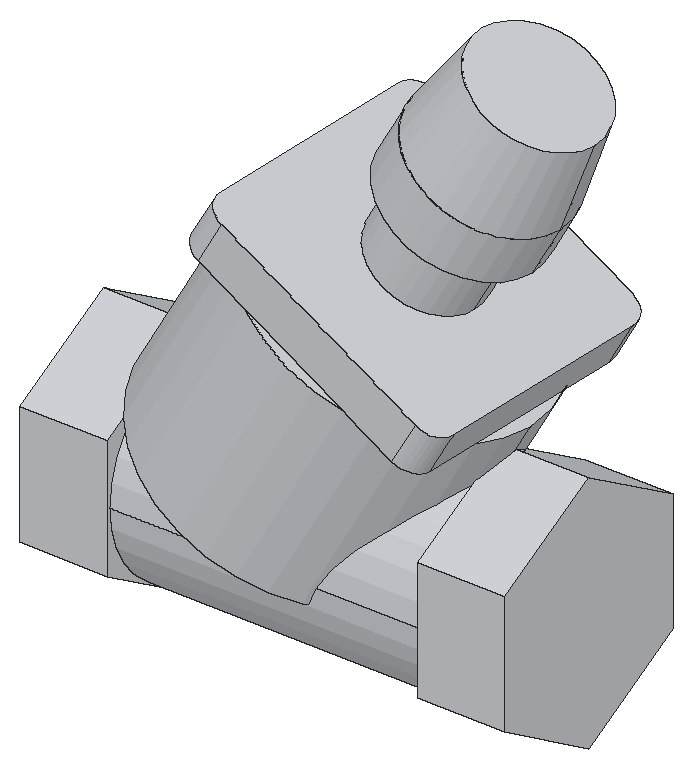
Revit family "OPTIMA_Compact_FF_DN32_5,5_RFA_2018", category Pipe Accessories, Revit 2018
Family settings
  Round Connector Dimension = Use Diameter
  Part Type = Valve - Breaks Into
  Work Plane-Based = No
  Always vertical = Yes
  Cut with Voids When Loaded = No
  Shared = No
Parameters (values of type "OPTIMA Compact DN32 F-F 5.5mm")
  magiProductId = "b339906595e54d959f7e36e14a5078"
  magiProductFamilyId = "52eeb9fa0c9d42c987a78ea14b42d3"
  magiPartTypeId = 304
  isMeasuringValve [instance] = no
  ang2D [instance] = 0.00°
  Z = 1 mm
  X = 13 mm
  W2D = 32 mm
  VersionID = "2.0/2018.8.28.1/FRESE_OPTIMA-COMPACT-FF_001"
  Use Minimum Symbol Size [instance] = yes
  URL = "www.hydronix.cz"
  Type Comments = "vnitřní závit; PN25; 0~120°C, bez měřicích vsuvek"
  R9 = 8 mm
  R8 = 14 mm
  R7 = 17 mm
  R6 = 12 mm
  R5 = 5 mm
  R4 = 29 mm
  R3 = 31.5 mm
  R2 = 22 mm
  R1 = 26 mm
  QmdConnectorList = "301;D;302;D"
  Productdata [instance] = ""
  PLG0 = no
  Manufacturer = "Hydronix"
  MC Product Code = "53-1354  (5/4\" F-F; 5.5mm; Qmin-dpmin 550l/h-17.9kPa; Qmax-dpmin 4001l/h-28.0kPa; dpmax 800kPa)"
  MC Piping Given Pressure Drop [instance] = 0.0 Pa
  LL = 52 mm
  L3 = 12.5 mm
  L2D_Min = 3048 mm
  L2D = 104 mm
  L2 = 66.56 mm
  L1__ve = -L1  # -18.72 mm
  L1 = 18.72 mm
  H6__ve = -H6  # -68 mm
  H6 = 68 mm
  H5 = 20 mm
  H4 = 12 mm
  H3 = 16 mm
  H2 = 10 mm
  H1 = 46 mm
  Description = "Tlakově nezávislý 2-cestný regulační vyvažovací ventil (PICV)"
  D = 32 mm
  CenSd_R1_6 = R1 * cos(30.00°)  # 22.517 mm
  A = 30.00°
Types (6, lengths in mm): name | magiProductId | Z | X | R4 | R3 | R2 | R1 | MC Product Code | LL | L3 | L2 | L1__ve | L1 | H6__ve | H6 | H3 | H2 | H1 | D | CenSd_R1_6
  OPTIMA Compact DN32 F-F 5.5mm | "b339906595e54d959f7e36e14a5078" | 1 | 13 | 29 | 31.5 | 22 | 26 | "53-1354  (5/4\" F-F; 5.5mm; Qmin-dpmin 550l/h-17.9kPa; Qmax-dpmin 4001l/h-28.0kPa; dpmax 800kPa)" | 52 | 12.5 | 66.56 | -18.72 | 18.72 | -68 | 68 | 16 | 10 | 46 | 32 | 22.517
  OPTIMA Compact DN15 F-F 2.5mm | "1f59e983221c4705b905dca277ac1b" | 0 | 7 | 19 | 19 | 12 | 15 | "53-1344  (1/2\" F-F; 2.5mm; Qmin-dpmin 100l/h-14.9kPa; Qmax-dpmin 575l/h-18.5kPa; dpmax 800kPa)" | 37.5 | 11 | 48 | -13.5 | 13.5 | -57 | 57 | 18 | 8 | 26 | 15 | 12.99
  OPTIMA Compact DN15 F-F 5.0mm | "ed735bb751334d9b9367ccb2001bd8" | 0 | 7 | 19 | 19 | 12 | 15 | "53-1345  (1/2\" F-F; 5.0mm; Qmin-dpmin 220l/h-16.0kPa; Qmax-dpmin 1330l/h-21.6Pa; dpmax 800kPa)" | 37.5 | 11 | 48 | -13.5 | 13.5 | -57 | 57 | 18 | 8 | 26 | 15 | 12.99
  OPTIMA Compact DN20 F-F 5.0mm | "3fe8f468b8a34e8b9375925b2f5228" | 0 | 10 | 19 | 19 | 13.5 | 17.5 | "53-1348  (3/4\" F-F; 5.0mm; Qmin-dpmin 220l/h-16.0kPa; Qmax-dpmin 1330l/h-21.6Pa; dpmax 800kPa)" | 39.5 | 11 | 50.56 | -14.22 | 14.22 | -59.5 | 59.5 | 18 | 8 | 26 | 20 | 15.155
  OPTIMA Compact DN20 F-F 5.5mm | "3f04956b0a9346f48e327241883a91" | 0 | 10 | 19 | 19 | 13.5 | 17.5 | "53-1318  (3/4\" F-F; 5.5mm; Qmin-dpmin 300l/h-17.8kPa; Qmax-dpmin 1800l/h-40.0Pa; dpmax 800kPa)" | 39.5 | 11 | 50.56 | -14.22 | 14.22 | -59.5 | 59.5 | 18 | 8 | 26 | 20 | 15.155
  OPTIMA Compact DN25 F-F 5.5mm | "a6a3417af38f4ebebee56b059e5e27" | 0 | 13 | 29 | 31.5 | 18.5 | 22 | "53-1353  (1\" F-F; 5.5mm; Qmin-dpmin 600l/h-17.3kPa; Qmax-dpmin 3609l/h-23.0Pa; dpmax 800kPa)" | 50 | 12.5 | 64 | -18 | 18 | -64 | 64 | 16 | 10 | 43 | 25 | 19.053
Reference planes
  plane 1 "Center (Front/Back)": y = 0
  plane 2 "XYPLANE": z = 0
  plane 3 "Center (Left/Right)": x = 0
  plane 4 "267": x = 12.5
  plane 5 "266": x = -12.5
  plane 6 "252": through (-597.019, 0, 465.933) normal (0.5, 0, 0.866)
  plane 7 "250": through (-607.019, 0, 448.612) normal (0.5, 0, 0.866)
  plane 8 "248": through (-613.019, 0, 438.22) normal (0.5, 0, 0.866)
  plane 9 "245": through (-621.019, 0, 424.363) normal (0.5, 0, 0.866)
  plane 10 "241": through (338.627, 0, 670.519) normal (0.866, 0, -0.5)
  plane 11 "240": through (388.856, 0, 641.519) normal (0.866, 0, -0.5)
  plane 12 "239": y = -29
  plane 13 "238": y = 29
  plane 14 "237": through (-626.019, 0, 415.703) normal (0.5, 0, 0.866)
  plane 15 "235": through (-649.019, 0, 375.866) normal (0.5, 0, 0.866)
  plane 16 "231": y = 0
  plane 17 "230": through (363.742, 0, 656.019) normal (0.866, 0, -0.5)
  plane 18 "211": x = -33.28
  plane 19 "204": x = 52
  plane 20 "203": x = -52
  plane 21 "202": x = 0
  plane 22 "201": z = 0
  plane 23 "200": y = 0
  plane 24 "227XY": through (-649.519, 0, 375) normal (0.5, 0, 0.866)
  plane 25 "227XZ": y = 0
  plane 26 "227YZ": through (375, 0, 649.519) normal (0.866, 0, -0.5)
Forms (mm)
  Extrusion 1, solid
    sketch origin (52, -750, 0) x (0, 1, 0) y (0, 0, 1)
      loop
        line (750, 26) -> (727.483, 13) -> (727.483, -13) -> (750, -26) -> (772.517, -13) -> (772.517, 13) -> (750, 26)
    from 0 to -18.72 <- "L1__ve"
  Extrusion 2, solid
    sketch origin (-52, -750, 0) x (0, 1, 0) y (0, 0, 1)
      loop
        line (750, 26) -> (727.483, 13) -> (727.483, -13) -> (750, -26) -> (772.517, -13) -> (772.517, 13) -> (750, 26)
    from 0 to 18.72 <- "L1"
  Extrusion 3, solid, visible <- "PLG0"
    sketch origin (-750, 0, 0) x (1, 0, 0) y (0, 1, 0)
      loop
        circle (762.5, 0) r 8
    from 0 to -68 <- "H6__ve"
  Extrusion 4, solid, visible <- "PLG0"
    sketch origin (-750, 0, 0) x (1, 0, 0) y (0, 1, 0)
      loop
        circle (737.5, 0) r 8
    from 0 to -68 <- "H6__ve"
  Blend 5, solid
    base sketch origin (-607.019, 0, 448.612) x (0.866025, 0, -0.5) y (0, 1, 0)
      loop
        circle (737, 0) r 17
    top sketch origin (-607.019, 0, 448.612) x (0.866025, 0, -0.5) y (0, 1, 0)
      loop
        circle (737, 0) r 14
    from 0 to 20
  Extrusion 6, solid
    sketch origin (-613.019, 0, 438.22) x (0.866025, 0, -0.5) y (0, 1, 0)
      loop
        circle (737, 0) r 17
    from 0 to 12 <- "H4"
  Extrusion 7, solid
    sketch origin (-621.019, 0, 424.363) x (0.866025, 0, -0.5) y (0, 1, 0)
      loop
        circle (737, 0) r 12
    from 0 to 16 <- "H3"
  Extrusion 8, solid
    sketch origin (-626.019, 0, 415.703) x (0.866025, 0, -0.5) y (0, 1, 0)
      loop
        arc (713, 29) -> (709.464, 27.536) -> (708, 24) r 5
        line (708, 24) -> (708, -24)
        arc (708, -24) -> (709.464, -27.536) -> (713, -29) r 5
        line (713, -29) -> (761, -29)
        arc (761, -29) -> (764.536, -27.536) -> (766, -24) r 5
        line (766, -24) -> (766, 24)
        arc (766, 24) -> (764.536, 27.536) -> (761, 29) r 5
        line (761, 29) -> (713, 29)
    from 0 to 10 <- "H2"
  Extrusion 9, solid
    sketch origin (-649.019, 0, 375.866) x (0.866025, 0, -0.5) y (0, 1, 0)
      loop
        circle (737, 0) r 31.5
    from 0 to 46 <- "H1"
  Extrusion 10, solid
    sketch origin (-33.28, -750, 0) x (0, 1, 0) y (0, 0, 1)
      loop
        circle (750, 0) r 22
    from 0 to 66.56 <- "L2"
  Extrusion 11, solid, not visible
    sketch origin (52, -750, 0) x (0, 1, 0) y (0, 0, 1)
      loop
        circle (750, 0) r 10
    from 0 to -10
  Extrusion 12, solid, not visible
    sketch origin (-52, -750, 0) x (0, 1, 0) y (0, 0, 1)
      loop
        circle (750, 0) r 10
    from 0 to 10
Lines and regions (mm)
  reference lines, not visible
    curve 1: circle (2, 2, 0) r 1 normal (0, 0, 1)
  reference lines
    curve 2: line (52, 0, 0) -> (52, -11.258, -6.5)
    curve 3: line (52, 0, 0) -> (52, 0, -13)
    curve 4: line (52, 0, 0) -> (52, 11.258, -6.5)
    curve 5: line (-52, 0, 0) -> (-52, 11.258, -6.5)
    curve 6: line (-52, 0, 0) -> (-52, 0, -13)
    curve 7: line (-52, 0, 0) -> (-52, -11.258, -6.5)
Dimensions and locks
  plane 1 "Center (Front/Back)" to curve 1 = 2 mm
  "L3": plane 3 "Center (Left/Right)" to plane 4 "267"
  "L3": plane 3 "Center (Left/Right)" to plane 5 "266"
  "H5": plane 7 "250" to plane 6 "252"
  "H4": plane 8 "248" to plane 7 "250"
  "H3": plane 9 "245" to plane 8 "248"
  "H2": plane 14 "237" to plane 9 "245"
  "R4": plane 17 "230" to plane 10 "241"
  "R4": plane 17 "230" to plane 11 "240"
  "R4": plane 23 "200" to plane 12 "239"
  "R4": plane 23 "200" to plane 13 "238"
  "H1": plane 15 "235" to plane 14 "237"
  "Z": plane 24 "227XY" to plane 15 "235"
  locked: plane 23 "200" to plane 16 "231"
  "X": plane 26 "227YZ" to plane 17 "230"
  "L1": plane 20 "203" to plane 18 "211"
  "LL": plane 3 "Center (Left/Right)" to plane 19 "204"
  "LL": plane 3 "Center (Left/Right)" to plane 20 "203"
  locked: plane 3 "Center (Left/Right)" to plane 21 "202"
  locked: plane 2 "XYPLANE" to plane 22 "201"
  locked: plane 1 "Center (Front/Back)" to plane 23 "200"
  "CenSd_R1_6": curve 2 to Extrusion 1 sketch curve  (x2)
  "CenSd_R1_6": curve 3 to Extrusion 1 sketch curve  (x2)
  "CenSd_R1_6": curve 4 to Extrusion 1 sketch curve  (x2)
  Extrusion 1 sketch curve to Extrusion 1 sketch curve = 0 mm  (x12)
  "CenSd_R1_6": curve 5 to Extrusion 2 sketch curve  (x2)
  "CenSd_R1_6": curve 6 to Extrusion 2 sketch curve  (x2)
  "CenSd_R1_6": curve 7 to Extrusion 2 sketch curve  (x2)
  Extrusion 2 sketch curve to Extrusion 2 sketch curve = 0 mm  (x12)
  Extrusion 8 sketch curve to Extrusion 8 sketch curve = 0 mm  (x16)
  "R9": radius of Extrusion 3 sketch curve
  "R9": radius of Extrusion 4 sketch curve
  "R8": radius of Blend 5 sketch curve
  "R7": radius of Blend 5 sketch curve
  "R7": radius of Extrusion 6 sketch curve
  "R6": radius of Extrusion 7 sketch curve
  "R5": radius of Extrusion 8 sketch curve  (x4)
  "R3": radius of Extrusion 9 sketch curve
  "R2": radius of Extrusion 10 sketch curve
  locked: curve 3 to curve 2 (angle 60.00°)
  locked: curve 4 to curve 3 (angle 60.00°)
  locked: curve 4 to curve 2 (angle 120.00°)
  locked: curve 6 to curve 5 (angle 60.00°)
  locked: curve 7 to curve 6 (angle 60.00°)
  locked: curve 7 to curve 5 (angle 120.00°)
  aligned and locked: level to plane 2 "XYPLANE"
  aligned and locked: plane 22 "201" to curve 4
  aligned and locked: curve 4 to plane 23 "200"
  aligned and locked: plane 22 "201" to curve 7
  aligned and locked: curve 7 to plane 23 "200"
  aligned and locked: plane 4 "267" to Extrusion 3 sketch curve
  aligned and locked: plane 23 "200" to Extrusion 3 sketch curve
  aligned and locked: plane 5 "266" to Extrusion 4 sketch curve
  aligned and locked: plane 23 "200" to Extrusion 4 sketch curve
  aligned and locked: plane 16 "231" to Blend 5 sketch curve  (x2)
  aligned and locked: Blend 5 sketch curve to plane 17 "230"  (x2)
  aligned and locked: plane 6 "252" to Blend 5
  aligned and locked: plane 16 "231" to Extrusion 6 sketch curve
  aligned and locked: Extrusion 6 sketch curve to plane 17 "230"
  aligned and locked: plane 16 "231" to Extrusion 7 sketch curve
  aligned and locked: Extrusion 7 sketch curve to plane 17 "230"
  aligned and locked: Extrusion 8 sketch curve to plane 10 "241"
  aligned and locked: Extrusion 8 sketch curve to plane 12 "239"
  aligned and locked: Extrusion 8 sketch curve to plane 11 "240"
  aligned and locked: plane 13 "238" to Extrusion 8 sketch curve
  aligned and locked: plane 16 "231" to Extrusion 9 sketch curve
  aligned and locked: Extrusion 9 sketch curve to plane 17 "230"
  aligned and locked: plane 22 "201" to Extrusion 10 sketch curve
  aligned and locked: Extrusion 10 sketch curve to plane 23 "200"
  aligned and locked: plane 22 "201" to Extrusion 11 sketch curve
  aligned and locked: Extrusion 11 sketch curve to plane 23 "200"
  aligned and locked: plane 22 "201" to Extrusion 12 sketch curve
  aligned and locked: Extrusion 12 sketch curve to plane 23 "200"
Automatic sketch dimensions
  plane 1 "Center (Front/Back)" to Extrusion 11 sketch curve = 10 mm
  plane 1 "Center (Front/Back)" to Extrusion 12 sketch curve = 10 mm
  plane 3 "Center (Left/Right)" to curve 1 = 2 mm
  radius of curve 1 = 1 mm
Connectors
  piping at (-52, 0, 0), diameter 32, driven by "D"
    settings: on Extrusion 12, index 1, connector inside diameter 609.6 mm, connector length 0 mm, flow factor 0, pipe flow 0.0 L/s, pressure drop 0.0 Pa, fitting loss kfactor 0, connector angle 0.00°, fixture units 0, engagement length 0 mm, angle of deflection 0.00°, flow configuration 0, flow direction 0, fitting loss method 0, system type 29, joint type 0, gender type 0, connector reference index 2, connector utility 0, adjustable connector no, is connector primary yes, connector description ""
  piping at (52, 0, 0), diameter 32, driven by "D"
    settings: on Extrusion 11, index 2, connector inside diameter 609.6 mm, connector length 0 mm, flow factor 0, pipe flow 0.0 L/s, pressure drop 0.0 Pa, fitting loss kfactor 0, connector angle 0.00°, fixture units 0, engagement length 0 mm, angle of deflection 0.00°, flow configuration 0, flow direction 0, fitting loss method 0, system type 29, joint type 0, gender type 0, connector reference index 1, connector utility 0, adjustable connector no, is connector primary no, connector description ""
